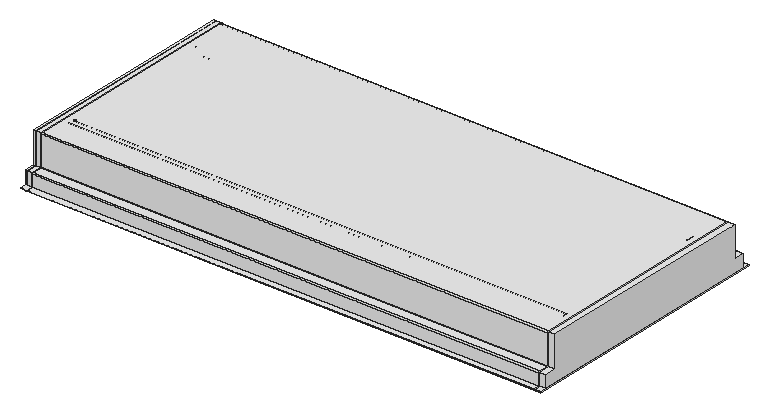
Revit family "MSU-DFX", category Lighting Fixtures, host Ceiling, Revit 2019
Family settings
  Host = Ceiling
  Round Connector Dimension = Use Diameter
  Part Type = Normal
  OmniClass Number = 23.80.70.11.14.17
  OmniClass Title = Direct/Indirect
  Always vertical = Yes
  Cut with Voids When Loaded = No
  Light Source = Yes
  Shared = No
  Room Calculation Point = No
Parameters (values of type "MSU-DFX2X4-LED840K180Lxxx-FASY")
  Width = 1' - 11 3/4"
  Wattage = 149 W
  built-in parameter 1150110 = 1 (stored number, unit not read)
  Voltage = 120 V
  URL = "https://www.viscor.com/en/products/msu-dfx"
  built-in parameter 1114217 = 0.9 (stored number, unit not read)
  Tilt Angle = 90.00°
  built-in parameter 1150109 = 1 (stored number, unit not read)
  built-in parameter 1150134 = 12
  built-in parameter 1150113 = 1 (stored number, unit not read)
  Photometric Web File = "MSU-DFX2X4-LED840K180Lxxx-FASY.ies"
  Model = "MSU-DFX"  # constant formula
  Manufacturer = "CERTOLUX by VISCOR"  # constant formula
  Lumens = 15645 lm
  built-in parameter 1150115 = 1 (stored number, unit not read)
  built-in parameter 1150105 = 1245 (stored number, unit not read)
  built-in parameter 1150137 = (empty or 0)
  built-in parameter 1150139 = (empty or 0)
  Lens Finish = Acrylic - Viscor - Frosted Prismatic P12
  Length = 3' - 11 3/4"
  Lamp Wattage = 149 VA
  built-in parameter 1150112 = 1 (stored number, unit not read)
  built-in parameter 1150114 = 1 (stored number, unit not read)
  Lamp = "LED"  # constant formula
  built-in parameter 1150132 = (empty or 0)
  built-in parameter 1150102 = (empty or 0)
  built-in parameter 1150138 = (empty or 0)
  built-in parameter 1150107 = 4000 (stored number, unit not read)
  built-in parameter 1150106 = 12.45 (stored number, unit not read)
  Housing Finish = Metal - Viscor - White
  Emit from Rectangle Width = Width  # 1' - 11 3/4"
  Emit from Rectangle Length = Length  # 3' - 11 3/4"
  Emit Shape Visible in Rendering = no
  built-in parameter 1150104 = 9.7548 (stored number, unit not read)
  Dimming Lamp Color Temperature Shift = <None>
  Description = "LED Recessed Surgical with 365DisInFx UVA Technology"  # constant formula
  Color Filter = 16777215
  built-in parameter 1114218 = 1 (stored number, unit not read)
  built-in parameter 1150133 = 10 (stored number, unit not read)
  Assembly Code = "D5020200"
  Apparent Load = Lamp Wattage  # 149 VA
Types (28): name | Wattage | Photometric Web File | Lumens | built-in parameter 1150105 | Length | Lamp Wattage | built-in parameter 1150106 | Emit from Rectangle Length | built-in parameter 1150104 | Apparent Load
  (no name) | 149 W | "MSU-DFX2X4-LED840K180Lxxx-FASY.ies" | 15645 lm | 1245 (stored number, unit not read) | 3' - 11 3/4" | 149 VA | 12.45 (stored number, unit not read) | 3' - 11 3/4" | 9.7548 (stored number, unit not read) | 149 VA
  MSU-DFX2X2-LED840K100Lxxx-DSA | 84 W | "MSU-DFX2X2-LED840K100Lxxx-DSA.ies" | 10080 lm | 802.14 (stored number, unit not read) | 1' - 11 3/4" | 84 VA | 8.0214 (stored number, unit not read) | 1' - 11 3/4" | 11.148 (stored number, unit not read) | 84 VA
  MSU-DFX2X2-LED840K100Lxxx-ASY | 84 W | "MSU-DFX2X2-LED840K100Lxxx-ASY.ies" | 8988 lm | 715.24 (stored number, unit not read) | 1' - 11 3/4" | 84 VA | 7.1524 (stored number, unit not read) | 1' - 11 3/4" | 9.9406 (stored number, unit not read) | 84 VA
  MSU-DFX2X2-LED840K100Lxxx-FASY | 84 W | "MSU-DFX2X2-LED840K100Lxxx-FASY.ies" | 8568 lm | 681.82 (stored number, unit not read) | 1' - 11 3/4" | 84 VA | 6.8182 (stored number, unit not read) | 1' - 11 3/4" | 9.4761 (stored number, unit not read) | 84 VA
  MSU-DFX2X4-LED840K100Lxxx-DSA | 81 W | "MSU-DFX2X4-LED840K100Lxxx-DSA.ies" | 10044 lm | 799.28 (stored number, unit not read) | 3' - 11 3/4" | 81 VA | 7.9928 (stored number, unit not read) | 3' - 11 3/4" | 11.52 (stored number, unit not read) | 81 VA
  MSU-DFX2X4-LED840K100Lxxx-ASY | 81 W | "MSU-DFX2X4-LED840K100Lxxx-ASY.ies" | 8910 lm | 709.04 (stored number, unit not read) | 3' - 11 3/4" | 81 VA | 7.0904 (stored number, unit not read) | 3' - 11 3/4" | 10.219 (stored number, unit not read) | 81 VA
  MSU-DFX2X4-LED840K100Lxxx-FASY | 81 W | "MSU-DFX2X4-LED840K100Lxxx-FASY.ies" | 8586 lm | 683.25 (stored number, unit not read) | 3' - 11 3/4" | 81 VA | 6.8325 (stored number, unit not read) | 3' - 11 3/4" | 9.8477 (stored number, unit not read) | 81 VA
  MSU-DFX2X2-LED840K035Lxxx-ASY | 28 W | "MSU-DFX2X2-LED840K035Lxxx-ASY.ies" | 3136 lm | 249.55 (stored number, unit not read) | 1' - 11 3/4" | 28 VA | 2.4955 (stored number, unit not read) | 1' - 11 3/4" | 10.405 (stored number, unit not read) | 28 VA
  MSU-DFX2X2-LED840K055Lxxx-ASY | 45 W | "MSU-DFX2X2-LED840K055Lxxx-ASY.ies" | 4905 lm | 390.33 (stored number, unit not read) | 1' - 11 3/4" | 45 VA | 3.9033 (stored number, unit not read) | 1' - 11 3/4" | 10.126 (stored number, unit not read) | 45 VA
  MSU-DFX2X2-LED840K070Lxxx-ASY | 59 W | "MSU-DFX2X2-LED840K070Lxxx-ASY.ies" | 6313 lm | 502.37 (stored number, unit not read) | 1' - 11 3/4" | 59 VA | 5.0237 (stored number, unit not read) | 1' - 11 3/4" | 9.9406 (stored number, unit not read) | 59 VA
  MSU-DFX2X2-LED840K035Lxxx-DSA | 28 W | "MSU-DFX2X2-LED840K035Lxxx-DSA.ies" | 3528 lm | 280.75 (stored number, unit not read) | 1' - 11 3/4" | 28 VA | 2.8075 (stored number, unit not read) | 1' - 11 3/4" | 11.706 (stored number, unit not read) | 28 VA
  MSU-DFX2X2-LED840K055Lxxx-DSA | 45 W | "MSU-DFX2X2-LED840K055Lxxx-DSA.ies" | 5535 lm | 440.46 (stored number, unit not read) | 1' - 11 3/4" | 45 VA | 4.4046 (stored number, unit not read) | 1' - 11 3/4" | 11.427 (stored number, unit not read) | 45 VA
  MSU-DFX2X2-LED840K070Lxxx-DSA | 59 W | "MSU-DFX2X2-LED840K070Lxxx-DSA.ies" | 7080 lm | 563.41 (stored number, unit not read) | 1' - 11 3/4" | 59 VA | 5.6341 (stored number, unit not read) | 1' - 11 3/4" | 11.148 (stored number, unit not read) | 59 VA
  MSU-DFX2X2-LED840K035Lxxx-FASY | 28 W | "MSU-DFX2X2-LED840K035Lxxx-FASY.ies" | 2996 lm | 238.41 (stored number, unit not read) | 1' - 11 3/4" | 28 VA | 2.3841 (stored number, unit not read) | 1' - 11 3/4" | 9.9406 (stored number, unit not read) | 28 VA
  MSU-DFX2X2-LED840K055Lxxx-FASY | 45 W | "MSU-DFX2X2-LED840K055Lxxx-FASY.ies" | 4725 lm | 376 (stored number, unit not read) | 1' - 11 3/4" | 45 VA | 3.76 (stored number, unit not read) | 1' - 11 3/4" | 9.7548 (stored number, unit not read) | 45 VA
  MSU-DFX2X2-LED840K070Lxxx-FASY | 59 W | "MSU-DFX2X2-LED840K070Lxxx-FASY.ies" | 6018 lm | 478.9 (stored number, unit not read) | 1' - 11 3/4" | 59 VA | 4.789 (stored number, unit not read) | 1' - 11 3/4" | 9.4761 (stored number, unit not read) | 59 VA
  MSU-DFX2X4-LED840K055Lxxx-ASY | 43 W | "MSU-DFX2X4-LED840K055Lxxx-ASY.ies" | 4945 lm | 393.51 (stored number, unit not read) | 3' - 11 3/4" | 43 VA | 3.9351 (stored number, unit not read) | 3' - 11 3/4" | 10.684 (stored number, unit not read) | 43 VA
  MSU-DFX2X4-LED840K070Lxxx-ASY | 55 W | "MSU-DFX2X4-LED840K070Lxxx-ASY.ies" | 6270 lm | 498.95 (stored number, unit not read) | 3' - 11 3/4" | 55 VA | 4.9895 (stored number, unit not read) | 3' - 11 3/4" | 10.591 (stored number, unit not read) | 55 VA
  MSU-DFX2X4-LED840K120Lxxx-ASY | 98 W | "MSU-DFX2X4-LED840K120Lxxx-ASY.ies" | 10682 lm | 850.05 (stored number, unit not read) | 3' - 11 3/4" | 98 VA | 8.5005 (stored number, unit not read) | 3' - 11 3/4" | 10.126 (stored number, unit not read) | 98 VA
  MSU-DFX2X4-LED840K180Lxxx-ASY | 149 W | "MSU-DFX2X4-LED840K180Lxxx-ASY.ies" | 16092 lm | 1280.6 (stored number, unit not read) | 3' - 11 3/4" | 149 VA | 12.806 (stored number, unit not read) | 3' - 11 3/4" | 10.034 (stored number, unit not read) | 149 VA
  MSU-DFX2X4-LED840K055Lxxx-FASY | 43 W | "MSU-DFX2X4-LED840K055Lxxx-FASY.ies" | 4773 lm | 379.82 (stored number, unit not read) | 3' - 11 3/4" | 43 VA | 3.7982 (stored number, unit not read) | 3' - 11 3/4" | 10.312 (stored number, unit not read) | 43 VA
  MSU-DFX2X4-LED840K070Lxxx-FASY | 55 W | "MSU-DFX2X4-LED840K070Lxxx-FASY.ies" | 5995 lm | 477.07 (stored number, unit not read) | 3' - 11 3/4" | 55 VA | 4.7707 (stored number, unit not read) | 3' - 11 3/4" | 10.126 (stored number, unit not read) | 55 VA
  MSU-DFX2X4-LED840K120Lxxx-FASY | 98 W | "MSU-DFX2X4-LED840K120Lxxx-FASY.ies" | 10192 lm | 811.05 (stored number, unit not read) | 3' - 11 3/4" | 98 VA | 8.1105 (stored number, unit not read) | 3' - 11 3/4" | 9.6619 (stored number, unit not read) | 98 VA
  MSU-DFX2X4-LED840K180Lxxx-FASY | 149 W | "MSU-DFX2X4-LED840K180Lxxx-FASY.ies" | 15645 lm | 1245 (stored number, unit not read) | 3' - 11 3/4" | 149 VA | 12.45 (stored number, unit not read) | 3' - 11 3/4" | 9.7548 (stored number, unit not read) | 149 VA
  MSU-DFX2X4-LED840K055Lxxx-DSA | 43 W | "MSU-DFX2X4-LED840K055Lxxx-DSA.ies" | 5590 lm | 444.84 (stored number, unit not read) | 3' - 11 3/4" | 43 VA | 4.4484 (stored number, unit not read) | 3' - 11 3/4" | 12.077 (stored number, unit not read) | 43 VA
  MSU-DFX2X4-LED840K070Lxxx-DSA | 55 W | "MSU-DFX2X4-LED840K070Lxxx-DSA.ies" | 7040 lm | 560.23 (stored number, unit not read) | 3' - 11 3/4" | 55 VA | 5.6023 (stored number, unit not read) | 3' - 11 3/4" | 11.892 (stored number, unit not read) | 55 VA
  MSU-DFX2X4-LED840K120Lxxx-DSA | 98 W | "MSU-DFX2X4-LED840K120Lxxx-DSA.ies" | 12054 lm | 959.23 (stored number, unit not read) | 3' - 11 3/4" | 98 VA | 9.5923 (stored number, unit not read) | 3' - 11 3/4" | 11.427 (stored number, unit not read) | 98 VA
  MSU-DFX2X4-LED840K180Lxxx-DSA | 149 W | "MSU-DFX2X4-LED840K180Lxxx-DSA.ies" | 18029 lm | 1434.7 (stored number, unit not read) | 3' - 11 3/4" | 149 VA | 14.347 (stored number, unit not read) | 3' - 11 3/4" | 11.241 (stored number, unit not read) | 149 VA
Reference planes (in)
  plane 1 "Light Source Axis (F/B)": y = 0
  plane 2 "Ceiling": z = 96
  plane 3 "Light Source Axis (L/R)": x = 0
  plane 4 "Light Source Elevation": z = 96
  plane 5: y = 11.875
  plane 6: y = -11.875
  plane 7 "Left": x = -23.875
  plane 8 "Right": x = 23.875
  plane 9: x = -23.25
  plane 10: x = 23.25
  plane 11: x = -22.625
  plane 12: x = 22.625
  plane 13 "USofFrame": z = 96.045
  plane 14: y = -11.25
  plane 15: y = 11.25
  plane 16 "Lens": z = 96.17
Forms (in)
  Extrusion 1, solid, material "Metal - Viscor - White" <- "Housing Finish"
    sketch origin (0, 0, 0) x (0, 1, 0) y (0, 0, 1)
      loop
        arc (11.3015, 97.168) -> (11.28217, 97.21467) -> (11.2355, 97.234) r 0.066
        line (11.2355, 97.234) -> (10.3115, 97.234)
        arc (10.3115, 97.234) -> (10.29029, 97.24279) -> (10.2815, 97.264) r 0.03
        line (10.2815, 97.264) -> (10.2815, 100.007)
        arc (10.2815, 100.007) -> (10.26217, 100.05367) -> (10.2155, 100.073) r 0.066
        line (10.2155, 100.073) -> (-10.2155, 100.073)
        arc (-10.2155, 100.073) -> (-10.26217, 100.05367) -> (-10.2815, 100.007) r 0.066
        line (-10.2815, 100.007) -> (-10.2815, 97.264)
        arc (-10.2815, 97.264) -> (-10.29029, 97.24279) -> (-10.3115, 97.234) r 0.03
        line (-10.3115, 97.234) -> (-11.2355, 97.234)
        arc (-11.2355, 97.234) -> (-11.28217, 97.21467) -> (-11.3015, 97.168) r 0.066
        line (-11.3015, 97.168) -> (-11.3015, 96.073) -> (-11.26634, 96.073) -> (-11.26634, 97.168)
        arc (-11.26634, 97.168) -> (-11.25731, 97.18981) -> (-11.2355, 97.19884) r 0.03084
        line (-11.2355, 97.19884) -> (-10.3115, 97.19884)
        arc (-10.3115, 97.19884) -> (-10.26543, 97.21793) -> (-10.24634, 97.264) r 0.06516
        line (-10.24634, 97.264) -> (-10.24634, 100.007)
        arc (-10.24634, 100.007) -> (-10.23731, 100.02881) -> (-10.2155, 100.03784) r 0.03084
        line (-10.2155, 100.03784) -> (10.2155, 100.03784)
        arc (10.2155, 100.03784) -> (10.23731, 100.02881) -> (10.24634, 100.007) r 0.03084
        line (10.24634, 100.007) -> (10.24634, 97.264)
        arc (10.24634, 97.264) -> (10.26543, 97.21793) -> (10.3115, 97.19884) r 0.06516
        line (10.3115, 97.19884) -> (11.2355, 97.19884)
        arc (11.2355, 97.19884) -> (11.25731, 97.18981) -> (11.26634, 97.168) r 0.03084
        line (11.26634, 97.168) -> (11.26634, 96.073) -> (11.3015, 96.073) -> (11.3015, 97.168)
    from -23.25 to 23.25
  Extrusion 2, solid, material "Metal - Viscor - White" <- "Housing Finish"
    sketch origin (0, 0, 0) x (0, 1, 0) y (0, 0, 1)
      loop
        line (11.299, 96.095) -> (11.299, 97.234) -> (10.2815, 97.234) -> (10.2815, 100.073) -> (-10.2815, 100.073) -> (-10.2815, 97.234) -> (-11.3015, 97.234) -> (-11.3015, 96.095) -> (11.299, 96.095)
    from -23.875 to -23.25
  Extrusion 3, void
    sketch origin (-23.25, 0, 0) x (0, -1, 0) y (0, 0, 1)
      loop
        line (10.24634, 100.03784) -> (-10.24634, 100.03784) -> (-10.24634, 97.19884) -> (-11.26384, 97.19884) -> (-11.26384, 96.13016) -> (11.26634, 96.13016) -> (11.26634, 97.19884) -> (10.24634, 97.19884) -> (10.24634, 100.03784)
    from 0 to 0.47339
  Extrusion 4, solid, material "Metal - Viscor - White" <- "Housing Finish"
    sketch origin (0, 0, 0) x (0, 1, 0) y (0, 0, -1)
      loop
        line (11.299, -96.095) -> (-11.3015, -96.095) -> (-11.3015, -97.234) -> (-10.2815, -97.234) -> (-10.2815, -100.073) -> (10.2815, -100.073) -> (10.2815, -97.234) -> (11.299, -97.234) -> (11.299, -96.095)
    from -23.875 to -23.25
  Extrusion 5, void
    sketch origin (23.25, 0, 0) x (0, -1, 0) y (0, 0, -1)
      loop
        line (10.24634, -100.03784) -> (10.24634, -97.19884) -> (11.26634, -97.19884) -> (11.26634, -96.13016) -> (-11.26384, -96.13016) -> (-11.26384, -97.19884) -> (-10.24634, -97.19884) -> (-10.24634, -100.03784) -> (10.24634, -100.03784)
    from 0 to 0.47339
  Extrusion 6, solid, material "Metal - Viscor - White" <- "Housing Finish"
    sketch origin (0, 0, 96) x (1, 0, 0) y (0, 1, 0)
      loop
        line (-23.875, -11.875) -> (-23.25, -11.875) -> (-23.25, 11.875) -> (-23.875, 11.875) -> (-23.875, -11.875)
    from 0 to 0.045
  Extrusion 7, solid, material "Metal - Viscor - White" <- "Housing Finish"
    sketch origin (0, 0, 96) x (1, 0, 0) y (0, 1, 0)
      loop
        line (23.25, -11.875) -> (23.875, -11.875) -> (23.875, 11.875) -> (23.25, 11.875) -> (23.25, -11.875)
    from 0 to 0.045
  Extrusion 8, solid, material "Metal - Viscor - White" <- "Housing Finish"
    sketch origin (0, 0, 96) x (1, 0, 0) y (0, 1, 0)
      loop
        line (-23.25, -11.25) -> (23.25, -11.25) -> (23.25, 11.25) -> (-23.25, 11.25) -> (-23.25, -11.25)
      loop
        line (-22, -10) -> (22, -10) -> (22, 6.75) -> (-22, 6.75) -> (-22, -10)
      loop
        line (-22, 10) -> (-22, 8) -> (22, 8) -> (22, 10) -> (-22, 10)
    from 0 to 0.045
  Extrusion 9, void
    sketch origin (43.99109, -53.88196, 0) x (1, 0, 0) y (0, 1, 0)
      loop
        line (-67.86609, 65.75696) -> (-67.86609, 42.00696) -> (-20.11609, 42.00696) -> (-20.11609, 65.75696) -> (-67.86609, 65.75696)
    from 95.73163 to 100.39174
  Extrusion 10, solid, material "Metal - Viscor - White" <- "Housing Finish"
    sketch origin (0, 0, 0) x (0, 1, 0) y (0, 0, 1)
      loop
        line (11.892, 96.048) -> (11.25, 96.048) -> (11.25, 96) -> (11.892, 96) -> (11.892, 96.048)
    from -23.25 to 23.25
  Extrusion 11, solid, material "Metal - Viscor - White" <- "Housing Finish"
    sketch origin (0, 0, 0) x (0, -1, 0) y (0, 0, -1)
      loop
        line (11.892, -96.048) -> (11.892, -96) -> (11.25, -96) -> (11.25, -96.048) -> (11.892, -96.048)
    from -23.25 to 23.25
  Extrusion 12, solid, material "Metal - Viscor - White" <- "Housing Finish"
    sketch origin (0, 0, 0) x (0, 1, 0) y (0, 0, 1)
      loop
        line (6.477, 100.001) -> (7.027, 100.001) -> (7.027, 100.03616) -> (6.477, 100.03616)
        arc (6.477, 100.03616) -> (6.42456, 100.01444) -> (6.40284, 99.962) r 0.07416
        line (6.40284, 99.962) -> (6.40284, 99.487)
        arc (6.40284, 99.487) -> (6.39117, 99.45883) -> (6.363, 99.44716) r 0.03984
        line (6.363, 99.44716) -> (-7.237, 99.44716)
        arc (-7.237, 99.44716) -> (-7.26517, 99.45883) -> (-7.27684, 99.487) r 0.03984
        line (-7.27684, 99.487) -> (-7.27684, 99.962)
        arc (-7.27684, 99.962) -> (-7.29856, 100.01444) -> (-7.351, 100.03616) r 0.07416
        line (-7.351, 100.03616) -> (-7.901, 100.03616) -> (-7.901, 100.001) -> (-7.351, 100.001)
        arc (-7.351, 100.001) -> (-7.32342, 99.98958) -> (-7.312, 99.962) r 0.039
        line (-7.312, 99.962) -> (-7.312, 99.487)
        arc (-7.312, 99.487) -> (-7.29003, 99.43397) -> (-7.237, 99.412) r 0.075
        line (-7.237, 99.412) -> (6.363, 99.412)
        arc (6.363, 99.412) -> (6.41603, 99.43397) -> (6.438, 99.487) r 0.075
        line (6.438, 99.487) -> (6.438, 99.962)
        arc (6.438, 99.962) -> (6.44942, 99.98958) -> (6.477, 100.001) r 0.039
    from -22.625 to 22.625
  Extrusion 13, solid
    sketch origin (0, 0, 0) x (0, 1, 0) y (0, 0, 1)
      loop
        line (5.90726, 99.412) -> (5.90726, 99.38075) -> (6.64268, 99.38075) -> (7.82741, 97.96884)
        arc (7.82741, 97.96884) -> (7.85154, 97.95033) -> (7.88123, 97.94375) r 0.07025
        line (7.88123, 97.94375) -> (8.11326, 97.94375) -> (8.11326, 97.975) -> (7.88123, 97.975)
        arc (7.88123, 97.975) -> (7.86475, 97.97865) -> (7.85135, 97.98893) r 0.039
        line (7.85135, 97.98893) -> (6.67584, 99.38985)
        arc (6.67584, 99.38985) -> (6.65455, 99.40619) -> (6.62834, 99.412) r 0.062
        line (6.62834, 99.412) -> (5.90726, 99.412)
    from -23.25 to 23.25
  Extrusion 14, solid
    sketch origin (0, 0, 0) x (0, 1, 0) y (0, 0, 1)
      loop
        line (-6.7185, 99.412) -> (-7.30713, 99.412)
        arc (-7.30713, 99.412) -> (-7.33863, 99.40356) -> (-7.36169, 99.3805) r 0.063
        line (-7.36169, 99.3805) -> (-8.5206, 97.3732) -> (-10.30427, 96.724) -> (-10.29358, 96.69463) -> (-8.49922, 97.34773) -> (-7.33462, 99.36488)
        arc (-7.33462, 99.36488) -> (-7.323, 99.3765) -> (-7.30713, 99.38075) r 0.03175
        line (-7.30713, 99.38075) -> (-6.7185, 99.38075) -> (-6.7185, 99.412)
    from -23.25 to 23.25
  Extrusion 15, solid, material "Acrylic - Viscor - Frosted Prismatic P12" <- "Lens Finish"
    sketch origin (0, 0, 0) x (0, 1, 0) y (0, 0, 1)
      loop
        line (10.02649, 96.05) -> (10.02649, 96.13016) -> (7.65149, 96.13016) -> (7.65149, 96.05) -> (10.02649, 96.05)
    from -23.25 to 23.25
  Extrusion 16, solid, material "Acrylic - Viscor - Frosted Prismatic P12" <- "Lens Finish"
    sketch origin (0, 0, 0) x (0, 1, 0) y (0, 0, 1)
      loop
        line (6.8745, 96.065) -> (6.8745, 96.19) -> (-10.1255, 96.19) -> (-10.1255, 96.065) -> (6.8745, 96.065)
    from -23.25 to 23.25
Cuts and joins
  Extrusion 3, Extrusion 5 cuts Extrusion 2
  Extrusion 5 cuts Extrusion 4
Dimensions and locks (in)
  equal spacing: host sketch curve, plane 3 "Light Source Axis (L/R)", host sketch curve
  equal spacing: host sketch curve, plane 1 "Light Source Axis (F/B)", host sketch curve
  host sketch curve to host sketch curve = 10' - 0"  (x2)
  locked: import instance to host ceiling at 4.109
  equal spacing: plane 7 "Left", plane 3 "Light Source Axis (L/R)", plane 8 "Right"
  "Length": plane 7 "Left" to plane 8 "Right"
  equal spacing: plane 5, plane 1 "Light Source Axis (F/B)", plane 6
  "Width": plane 5 to plane 6
  locked: plane 11 to plane 9 at 0.625
  locked: plane 7 "Left" to plane 9 at 0.625
  plane 12 to plane 10 = 0' - 0 5/8"
  plane 10 to plane 8 "Right" = 0' - 0 5/8"
  locked: plane 13 "USofFrame" to plane 2 "Ceiling" at 0.045
  equal spacing: plane 5, Extrusion 8 sketch curve, Extrusion 8 sketch curve
  equal spacing: plane 7 "Left", Extrusion 8 sketch curve, Extrusion 8 sketch curve
  locked: plane 6 to Extrusion 8 sketch curve at 0.625
  locked: plane 8 "Right" to Extrusion 8 sketch curve at 0.625
  plane 16 "Lens" to plane 13 "USofFrame" = 0' - 0 1/8"
  Extrusion 8 sketch curve to Extrusion 8 sketch curve = 0' - 2"
  Extrusion 8 sketch curve to Extrusion 8 sketch curve = 0' - 1 1/4"
  aligned and locked: plane 3 "Light Source Axis (L/R)" to imposter light
  aligned and locked: plane 1 "Light Source Axis (F/B)" to imposter light
  aligned and locked: plane 4 "Light Source Elevation" to imposter light
  aligned and locked: Extrusion 1 to plane 9
  aligned and locked: plane 10 to Extrusion 1
  aligned and locked: Extrusion 2 to plane 7 "Left"
  aligned and locked: plane 9 to Extrusion 2
  aligned and locked: plane 8 "Right" to cut or joined group of Extrusion 4, Extrusion 5
  aligned and locked: cut or joined group of Extrusion 4, Extrusion 5 to plane 10
  aligned and locked: Extrusion 6 sketch curve to plane 7 "Left"
  aligned and locked: plane 9 to Extrusion 6 sketch curve
  aligned and locked: plane 13 "USofFrame" to Extrusion 6
  aligned and locked: Extrusion 7 sketch curve to plane 10
  aligned and locked: Extrusion 7 sketch curve to plane 6
  aligned and locked: plane 5 to Extrusion 7 sketch curve
  aligned and locked: plane 13 "USofFrame" to Extrusion 7
  aligned and locked: plane 13 "USofFrame" to Extrusion 8
  aligned and locked: Extrusion 9 to plane 7 "Left"
  aligned and locked: plane 8 "Right" to Extrusion 9
  aligned and locked: Extrusion 9 to plane 6
  aligned and locked: plane 5 to Extrusion 9
  aligned and locked: Extrusion 10 to plane 9
  aligned and locked: plane 10 to Extrusion 10
  aligned and locked: Extrusion 11 to plane 9
  aligned and locked: plane 10 to Extrusion 11
  aligned and locked: Extrusion 12 to plane 11
  aligned and locked: plane 12 to Extrusion 12
  aligned and locked: Extrusion 13 to plane 9
  aligned and locked: plane 10 to Extrusion 13
  aligned and locked: Extrusion 14 to plane 9
  aligned and locked: plane 10 to Extrusion 14
  aligned and locked: Extrusion 16 to plane 9
  aligned and locked: plane 10 to Extrusion 16
  aligned and locked: Extrusion 15 to plane 9
  aligned and locked: plane 10 to Extrusion 15
Automatic sketch dimensions
  Extrusion 1 sketch curve to Extrusion 1 sketch curve = 0' - 0"  (x12)
  plane 13 "USofFrame" to Extrusion 1 sketch curve = 0' - 0.028"  (x2)
  plane 6 to Extrusion 1 sketch curve = 0' - 0.5735"
  Extrusion 1 sketch curve to Extrusion 1 sketch curve = 0' - 0 9/256"
  Extrusion 1 sketch curve to Extrusion 1 sketch curve = 0' - 0.03084"  (x4)
  Extrusion 1 sketch curve to Extrusion 1 sketch curve = 0' - 0.924"
  Extrusion 1 sketch curve to Extrusion 1 sketch curve = 0' - 0.03"  (x2)
  Extrusion 1 sketch curve to plane 5 = 0' - 1.6595"
  Extrusion 1 sketch curve to plane 5 = 0' - 0.6395"
  plane 16 "Lens" to Extrusion 1 sketch curve = 0' - 0.998"  (x2)
  Extrusion 1 sketch curve to Extrusion 1 sketch curve = 0' - 2.743"
  plane 13 "USofFrame" to Extrusion 2 sketch curve = 0' - 0.05"
  plane 6 to Extrusion 2 sketch curve = 0' - 0.5735"
  Extrusion 2 sketch curve to Extrusion 2 sketch curve = 0' - 1.02"
  Extrusion 2 sketch curve to plane 5 = 0' - 1.5935"
  Extrusion 2 sketch curve to plane 5 = 0' - 0.576"
  plane 16 "Lens" to Extrusion 2 sketch curve = 0' - 1.064"  (x2)
  Extrusion 2 sketch curve to Extrusion 2 sketch curve = 0' - 2.839"
  Extrusion 2 to Extrusion 3 sketch curve = 0' - 0 9/256"  (x8)
  plane 13 "USofFrame" to Extrusion 4 sketch curve = 0' - 0.05"
  plane 6 to Extrusion 4 sketch curve = 0' - 0.5735"
  Extrusion 4 sketch curve to Extrusion 4 sketch curve = 0' - 1.02"
  Extrusion 4 sketch curve to plane 5 = 0' - 1.5935"
  Extrusion 4 sketch curve to plane 5 = 0' - 0.576"
  plane 16 "Lens" to Extrusion 4 sketch curve = 0' - 1.064"  (x2)
  Extrusion 4 sketch curve to Extrusion 4 sketch curve = 0' - 2.839"
  Extrusion 4 to Extrusion 5 sketch curve = 0' - 0 9/256"  (x8)
  Extrusion 6 sketch curve to plane 6 = 0' - 0"
  Extrusion 6 sketch curve to plane 5 = 0' - 0"
  Extrusion 7 sketch curve to plane 8 "Right" = 0' - 0"
  Extrusion 9 sketch curve to plane 6 = 0' - 0"
  Extrusion 9 sketch curve to plane 7 "Left" = 0' - 0"
  Extrusion 9 sketch curve to plane 8 "Right" = 0' - 0"
  Extrusion 9 sketch curve to plane 5 = 0' - 0"
  Extrusion 10 sketch curve to plane 2 "Ceiling" = 0' - 0"
  plane 13 "USofFrame" to Extrusion 10 sketch curve = 0' - 0.003"
  Extrusion 10 sketch curve to plane 5 = 0' - 0 5/8"
  plane 5 to Extrusion 10 sketch curve = 0' - 0.017"
  Extrusion 11 sketch curve to plane 2 "Ceiling" = 0' - 0"
  Extrusion 11 sketch curve to plane 13 "USofFrame" = 0' - 0.003"
  Extrusion 11 sketch curve to plane 6 = 0' - 0 5/8"
  plane 6 to Extrusion 11 sketch curve = 0' - 0.017"
  Extrusion 12 sketch curve to Extrusion 12 sketch curve = 0' - 0"  (x8)
  plane 6 to Extrusion 12 sketch curve = 0' - 3.974"
  Extrusion 12 sketch curve to Extrusion 12 sketch curve = 0' - 0.55"  (x2)
  Extrusion 12 sketch curve to Extrusion 12 sketch curve = 0' - 0.039"  (x2)
  Extrusion 12 sketch curve to Extrusion 12 sketch curve = 0' - 0 9/256"
  Extrusion 12 sketch curve to Extrusion 12 sketch curve = 0' - 0.03984"  (x2)
  Extrusion 12 sketch curve to plane 5 = 0' - 5.512"
  plane 16 "Lens" to Extrusion 12 sketch curve = 0' - 3.242"
  Extrusion 12 sketch curve to Extrusion 12 sketch curve = 0' - 0.475"  (x2)
  Extrusion 13 sketch curve to Extrusion 13 sketch curve = 0' - 0"  (x2)
  Extrusion 13 sketch curve to plane 1 "Light Source Axis (F/B)" = 0' - 5.90726"
  Extrusion 13 sketch curve to Extrusion 13 sketch curve = 0' - 0.72109"
  Extrusion 13 sketch curve to Extrusion 13 sketch curve = 0' - 0.01434"
  plane 16 "Lens" to Extrusion 13 sketch curve = 0' - 3.21985"
  Extrusion 13 sketch curve to Extrusion 13 sketch curve = 0' - 0.03316"
  plane 16 "Lens" to Extrusion 13 sketch curve = 0' - 1.79884"
  Extrusion 13 sketch curve to Extrusion 13 sketch curve = 0' - 1.19907"
  Extrusion 13 sketch curve to Extrusion 13 sketch curve = 0' - 0.02394"
  Extrusion 13 sketch curve to Extrusion 13 sketch curve = 0' - 0.02988"
  Extrusion 13 sketch curve to Extrusion 13 sketch curve = 0' - 0.02509"
  Extrusion 13 sketch curve to Extrusion 13 sketch curve = 0' - 0 1/32"  (x2)
  Extrusion 13 sketch curve to Extrusion 13 sketch curve = 0' - 0.03985"
  Extrusion 13 sketch curve to Extrusion 13 sketch curve = 0' - 0.23203"
  Extrusion 14 sketch curve to Extrusion 14 sketch curve = 0' - 0"  (x2)
  plane 16 "Lens" to Extrusion 14 sketch curve = 0' - 0.554"
  plane 6 to Extrusion 14 sketch curve = 0' - 1.57073"
  plane 16 "Lens" to Extrusion 14 sketch curve = 0' - 0.52463"
  Extrusion 14 sketch curve to Extrusion 14 sketch curve = 0' - 0.01069"
  plane 16 "Lens" to Extrusion 14 sketch curve = 0' - 1.2032"
  plane 16 "Lens" to Extrusion 14 sketch curve = 0' - 1.17773"
  Extrusion 14 sketch curve to Extrusion 14 sketch curve = 0' - 1.15891"
  Extrusion 14 sketch curve to Extrusion 14 sketch curve = 0' - 0.02706"
  Extrusion 14 sketch curve to Extrusion 14 sketch curve = 0' - 0.0275"
  Extrusion 14 sketch curve to Extrusion 14 sketch curve = 0' - 1.9758"
  Extrusion 14 sketch curve to Extrusion 14 sketch curve = 0' - 0.01587"
  Extrusion 14 sketch curve to Extrusion 14 sketch curve = 0' - 0 1/64"
  Extrusion 14 sketch curve to Extrusion 14 sketch curve = 0' - 0.58863"
  Extrusion 8 sketch curve to plane 9 = 0' - 0"
  plane 11 to Extrusion 8 sketch curve = 0' - 0 5/8"  (x2)
  Extrusion 8 sketch curve to plane 12 = 0' - 0 5/8"  (x2)
  Extrusion 8 sketch curve to Extrusion 8 sketch curve = 0' - 1 1/4"
  Extrusion 8 sketch curve to plane 5 = 0' - 1 7/8"
  Extrusion 8 sketch curve to plane 5 = 0' - 0 5/8"
  plane 13 "USofFrame" to Extrusion 15 sketch curve = 0' - 0.005"
  Extrusion 15 sketch curve to plane 5 = 0' - 4.22351"
  Extrusion 15 sketch curve to plane 16 "Lens" = 0' - 0.03984"
  Extrusion 15 sketch curve to plane 5 = 0' - 1.84851"
  plane 13 "USofFrame" to Extrusion 16 sketch curve = 0' - 0.02"
  plane 6 to Extrusion 16 sketch curve = 0' - 1.7495"
  plane 16 "Lens" to Extrusion 16 sketch curve = 0' - 0.02"
  Extrusion 16 sketch curve to plane 5 = 0' - 5.0005"
Connectors (in)
  electrical at (0, 0, 96), driven by "Voltage", driven by "Apparent Load"
    settings: index 1, voltage 120 V, apparent load 0 VA, apparent load phase1 149 VA, apparent load phase2 0 VA, apparent load phase3 0 VA, power factor 1, load classification "Other", number of poles 1, system type 31, power factor state 1, is connector primary yes, connector utility no, sub classification motor no, connector description ""
